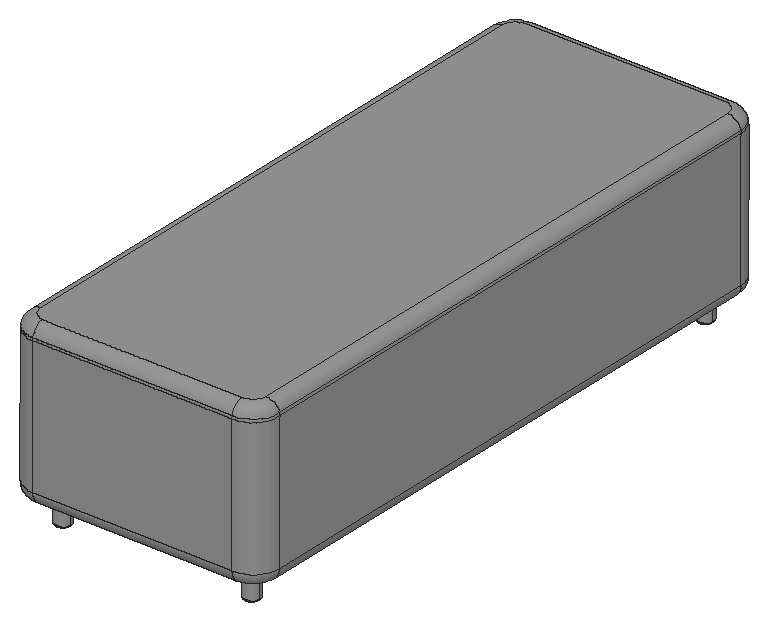
Revit family "Benchmark Square - Upholstered Top", category Furniture, Revit 2023
Family settings
  OmniClass Number = 23.40.20.00
  OmniClass Title = General Furniture and Specialties
  Work Plane-Based = No
  Enable Cutting in Views = No
  Always vertical = Yes
  Cut with Voids When Loaded = No
  Render Appearance Source = Family Geometry
  Shared = No
  Room Calculation Point = No
Parameters (values of type "24x60")
  height(Laminate) = 1' - 3 1/2"
  Width = 5' - 0"
  Length = 2' - 0"
  Height(Cushion)Bottom = 0' - 9 1/2"
  Feet Type [instance] = PG42AM : PG40-AM
  Default Elevation = 0' - 0"
  Cushion Top Fabric [instance] = Wood (Oak)
  Base Fabric [instance] = Linen, Beige
Types (10): name | Width | Length | Feet Type | Cushion Top Fabric
  24x60 | 5' - 0" | 2' - 0" | PG42AM : PG40-AM | Wood (Oak)
  30x60 | 2' - 6" | 5' - 0" | Furniture Feet : Furniture Feet | Linen, Beige
  36x60 | 3' - 0" | 5' - 0" | Furniture Feet : Furniture Feet | Linen, Beige
  42x60 | 3' - 6" | 5' - 0" | Furniture Feet : Furniture Feet | Linen, Beige
  48x60 | 4' - 0" | 5' - 0" | Furniture Feet : Furniture Feet | Linen, Beige
  24x72 | 2' - 0" | 6' - 0" | Furniture Feet : Furniture Feet | Linen, Beige
  30x72 | 2' - 6" | 6' - 0" | Furniture Feet : Furniture Feet | Linen, Beige
  36x72 | 3' - 0" | 6' - 0" | Furniture Feet : Furniture Feet | Linen, Beige
  42x72 | 3' - 6" | 6' - 0" | Furniture Feet : Furniture Feet | Linen, Beige
  48x72 | 4' - 0" | 6' - 0" | Furniture Feet : Furniture Feet | Linen, Beige
Reference planes (in)
  plane 1 "Center Front/Back": y = 0
  plane 2: z = 0
  plane 3 "Center Left/Right": x = 0
  plane 4: x = 12
  plane 5: x = -12
  plane 6: y = 30
  plane 7: y = -30
  plane 8 "Top": z = 18
  plane 9 "Bottom": z = 2.5
  plane 10 "cushion top": z = 12
  plane 11: z = 17
Forms (in)
  Extrusion 1, solid, material "Linen, Beige" <- "Base Fabric"
    sketch origin (0, 0, 18) x (0, -1, 0) y (1, 0, 0)
      loop
        arc (-27.5, 12) -> (-29.26777, 11.26777) -> (-30, 9.5) r 2.5
        line (-30, 9.5) -> (-30, -9.5)
        arc (-30, -9.5) -> (-29.26777, -11.26777) -> (-27.5, -12) r 2.5
        line (-27.5, -12) -> (27.5, -12)
        arc (27.5, -12) -> (29.26777, -11.26777) -> (30, -9.5) r 2.5
        line (30, -9.5) -> (30, 9.5)
        arc (30, 9.5) -> (29.26777, 11.26777) -> (27.5, 12) r 2.5
        line (27.5, 12) -> (-27.5, 12)
    from -15.5 to -1
  Extrusion 2, solid, material "Wood (Oak)" <- "Cushion Top Fabric"
    sketch origin (0, 0, 12) x (0, -1, 0) y (1, 0, 0)
      loop
        arc (-30, -9.5) -> (-29.26777, -11.26777) -> (-27.5, -12) r 2.5
        line (-27.5, -12) -> (27.5, -12)
        arc (27.5, -12) -> (29.26777, -11.26777) -> (30, -9.5) r 2.5
        line (30, -9.5) -> (30, 9.5)
        arc (30, 9.5) -> (29.26777, 11.26777) -> (27.5, 12) r 2.5
        line (27.5, 12) -> (-27.5, 12)
        arc (-27.5, 12) -> (-29.26777, 11.26777) -> (-30, 9.5) r 2.5
        line (-30, 9.5) -> (-30, -9.5)
    from 5 to 6
  Sweep 3, void
    path in 3D
      loop
        arc (-9.5, -30, 2.5) -> (-11.26777, -29.26777, 2.5) -> (-12, -27.5, 2.5) r 2.5
        line (-12, -27.5, 2.5) -> (-12, 27.5, 2.5)
        arc (-12, 27.5, 2.5) -> (-11.26777, 29.26777, 2.5) -> (-9.5, 30, 2.5) r 2.5
        line (-9.5, 30, 2.5) -> (9.5, 30, 2.5)
        arc (9.5, 30, 2.5) -> (11.26777, 29.26777, 2.5) -> (12, 27.5, 2.5) r 2.5
        line (12, 27.5, 2.5) -> (12, -27.5, 2.5)
        arc (12, -27.5, 2.5) -> (11.26777, -29.26777, 2.5) -> (9.5, -30, 2.5) r 2.5
        line (9.5, -30, 2.5) -> (-9.5, -30, 2.5)
    profile origin (0, -30, 2.5) x (0, 1, 0) y (0, 0, -1)
      loop
        line (1.25, 0) -> (0, 0) -> (0, -1.25)
        arc (0, -1.25) -> (0.36612, -0.36612) -> (1.25, 0) r 1.25
  Sweep 4, void
    path in 3D
      loop
        arc (9.5, -30, 18) -> (11.26777, -29.26777, 18) -> (12, -27.5, 18) r 2.5
        line (12, -27.5, 18) -> (12, 27.5, 18)
        arc (12, 27.5, 18) -> (11.26777, 29.26777, 18) -> (9.5, 30, 18) r 2.5
        line (9.5, 30, 18) -> (-9.5, 30, 18)
        arc (-9.5, 30, 18) -> (-11.26777, 29.26777, 18) -> (-12, 27.5, 18) r 2.5
        line (-12, 27.5, 18) -> (-12, -27.5, 18)
        arc (-12, -27.5, 18) -> (-11.26777, -29.26777, 18) -> (-9.5, -30, 18) r 2.5
        line (-9.5, -30, 18) -> (9.5, -30, 18)
    profile origin (0, -30, 18) x (0, 1, 0) y (0, 0, 1)
      loop
        line (1.25, 0) -> (0, 0) -> (0, -1.25)
        arc (0, -1.25) -> (0.36612, -0.36612) -> (1.25, 0) r 1.25
Cuts and joins
  Sweep 3, Sweep 4 cuts Extrusion 1
  Sweep 4 cuts Extrusion 2
Lines and regions (in)
  sketch lines
    curve 1: line (9.5, -30, 2.5) -> (-9.5, -30, 2.5)
    curve 2: arc (-12, -27.5, 2.5) -> (-11.26777, -29.26777, 2.5) -> (-9.5, -30, 2.5) r 2.5
    curve 3: line (-12, -27.5, 2.5) -> (-12, 27.5, 2.5)
    curve 4: arc (-9.5, 30, 2.5) -> (-11.26777, 29.26777, 2.5) -> (-12, 27.5, 2.5) r 2.5
    curve 5: line (-9.5, 30, 2.5) -> (9.5, 30, 2.5)
    curve 6: arc (12, 27.5, 2.5) -> (11.26777, 29.26777, 2.5) -> (9.5, 30, 2.5) r 2.5
    curve 7: line (12, 27.5, 2.5) -> (12, -27.5, 2.5)
    curve 8: arc (9.5, -30, 2.5) -> (11.26777, -29.26777, 2.5) -> (12, -27.5, 2.5) r 2.5
    curve 9: line (-9.5, -30, 18) -> (9.5, -30, 18)
    curve 10: arc (12, -27.5, 18) -> (11.26777, -29.26777, 18) -> (9.5, -30, 18) r 2.5
    curve 11: line (12, -27.5, 18) -> (12, 27.5, 18)
    curve 12: arc (9.5, 30, 18) -> (11.26777, 29.26777, 18) -> (12, 27.5, 18) r 2.5
    curve 13: line (9.5, 30, 18) -> (-9.5, 30, 18)
    curve 14: arc (-12, 27.5, 18) -> (-11.26777, 29.26777, 18) -> (-9.5, 30, 18) r 2.5
    curve 15: line (-12, 27.5, 18) -> (-12, -27.5, 18)
    curve 16: arc (-9.5, -30, 18) -> (-11.26777, -29.26777, 18) -> (-12, -27.5, 18) r 2.5
Dimensions and locks (in)
  equal spacing: plane 5, plane 3 "Center Left/Right", plane 4
  "Length": plane 5 to plane 4
  equal spacing: plane 6, plane 1 "Center Front/Back", plane 7
  "Width": plane 6 to plane 7
  "height(Laminate)": plane 8 "Top" to plane 9 "Bottom"
  locked: plane 5 to nested 2 at 3
  locked: nested 2 to plane 6 at 3
  locked: plane 7 to nested 1 at 3
  locked: plane 5 to nested 1 at 3
  locked: nested 3 to plane 4 at 3
  locked: plane 6 to nested 3 at 3
  locked: nested 4 to plane 4 at 3
  locked: plane 7 to nested 4 at 3
  "Height(Cushion)Bottom": plane 10 "cushion top" to plane 9 "Bottom"
  plane 8 "Top" to plane 11 = 0' - 1"
  aligned and locked: level to plane 2
  aligned and locked: nested 4 to nested 3
  aligned and locked: nested 1 to nested 2
  aligned and locked: plane 9 "Bottom" to nested 1
  aligned and locked: plane 9 "Bottom" to Extrusion 1
  aligned and locked: Extrusion 1 to nested 1
  aligned and locked: plane 4 to Extrusion 1 sketch curve
  aligned and locked: plane 6 to Extrusion 1 sketch curve
  aligned and locked: plane 5 to Extrusion 1 sketch curve
  aligned and locked: plane 7 to Extrusion 1 sketch curve
  aligned and locked: plane 6 to Extrusion 2 sketch curve
  aligned and locked: plane 5 to Extrusion 2 sketch curve
  aligned and locked: plane 4 to Extrusion 2 sketch curve
  aligned and locked: plane 7 to Extrusion 2 sketch curve
  aligned and locked: Extrusion 1 to Extrusion 2
  aligned and locked: Sweep 3 sketch curve to Extrusion 1  (x2)
  aligned and locked: Extrusion 2 to plane 8 "Top"
  aligned and locked: plane 11 to cut or joined group of Extrusion 1, Sweep 3, Sweep 4
  aligned and locked: Sweep 4 sketch curve to Extrusion 2  (x2)
Automatic sketch dimensions
  Extrusion 1 sketch curve to Extrusion 1 sketch curve = 0' - 2 1/2"  (x2)
  Extrusion 1 sketch curve to plane 6 = 0' - 2 1/2"
  Extrusion 1 sketch curve to plane 7 = 0' - 2 1/2"
  Extrusion 2 sketch curve to plane 6 = 0' - 2 1/2"
  Extrusion 2 sketch curve to plane 7 = 0' - 2 1/2"
  Extrusion 2 sketch curve to Extrusion 2 sketch curve = 0' - 0"  (x2)
  Sweep 3 sketch curve to profile plane = 0' - 1 1/4"
  Sweep 4 sketch curve to profile plane = 0' - 1 1/4"
Nested families (in)
  nested 1: "PG42AM" at (-9, -27, 0), type <- "Feet Type", type "PG40-AM"
  nested 2: "PG42AM" at (-9, 27, 0), type <- "Feet Type", type "PG40-AM"
  nested 3: "PG42AM" at (9, 27, 0), type <- "Feet Type", type "PG40-AM"
  nested 4: "PG42AM" at (9, -27, 0), type <- "Feet Type", type "PG40-AM"
Definition of nested family "PG42AM"
  Parameters (values of type "PG40-AM")
    Nested Leg Material 2 [instance] = none
    Nested Leg Material 1 [instance] = none
    Foot Radius = 0' - 0 3/4"
    Foot Diameter = 2 * Foot Radius  # 0' - 1 1/2"
    Default Elevation = 0' - 0"
  Reference planes (in)
    plane 1 "Center Front/Back": y = 0
    plane 2: z = 0
    plane 3 "Center Left/Right": x = 0
    plane 4: x = -0.75
    plane 5: x = 0.75
    plane 6: y = 0.75
    plane 7: y = -0.75
    plane 8: z = 2.5
    plane 9: z = 0.125
  Forms (in)
    Extrusion 1, solid, material <- "Nested Leg Material 2"
      sketch origin (0, 0, 0) x (1, 0, 0) y (0, 1, 0)
        loop
          circle (0, 0) r 0.75
      from 0.125 to 2.5
    Revolve 2, solid, material <- "Nested Leg Material 1"
      sketch origin (0, 0, 0) x (0, 1, 0) y (0, 0, 1)
        loop
          line (0, 0) -> (0.56703, 0)
          arc (0.56703, 0) -> (0.67783, 0.03423) -> (0.75, 0.125) r 0.19641
          line (0.75, 0.125) -> (0, 0.125) -> (0, 0)
        axis (0, 0.125) -> (0, 0)
      angle from 0 to 360
  Dimensions and locks (in)
    equal spacing: plane 4, plane 3 "Center Left/Right", plane 5
    plane 4 to plane 5 = 0' - 1 1/2"
    equal spacing: plane 6, plane 1 "Center Front/Back", plane 7
    plane 6 to plane 7 = 0' - 1 1/2"
    plane 8 to plane 2 = 0' - 2 1/2"  (x2)
    plane 9 to plane 2 = 0' - 0 1/8"
    "Foot Radius": Revolve 2 sketch curve to Revolve 2 sketch curve
    "Foot Radius": radius of Extrusion 1 sketch curve
    aligned and locked: level to plane 2
    aligned and locked: Extrusion 1 to plane 9
    aligned and locked: plane 9 to Revolve 2 sketch curve
    aligned and locked: plane 8 to Extrusion 1
  Automatic sketch dimensions
    plane 1 "Center Front/Back" to Extrusion 1 sketch curve = 0' - 0"
    Extrusion 1 sketch curve to plane 3 "Center Left/Right" = 0' - 0"
    Revolve 2 sketch curve to plane 1 "Center Front/Back" = 0' - 0"  (x2)
    Revolve 2 sketch curve to level = 0' - 0"
    Revolve 2 sketch curve to plane 6 = 0' - 0.18297"
    Revolve 2 sketch curve to Revolve 2 sketch curve = 0' - 0.54375"
    plane 8 to Revolve 2 sketch curve = 0' - 0.51875"
